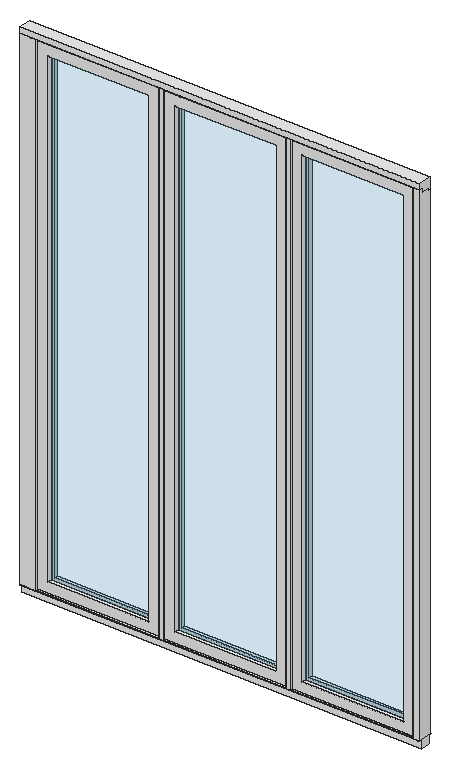
Revit family "98133", category Windows, host Wall, Revit 2018 (continued)
Definition of nested family "Header_SL-73"
  Definition of nested family "Head_SL73"
    Lines and regions (in)
      model lines, in view "Ref. Level"
        curve 403: line (0.87795, -0.65073, 0) -> (0.87795, -0.85433, 0)
        curve 404: line (0.93701, -0.91339, 0) -> (0.97638, -0.91339, 0)
        curve 405: line (1.01575, -0.87402, 0) -> (1.01575, -0.85433, 0)
        curve 406: line (1.01575, -0.85433, 0) -> (0.93701, -0.85433, 0)
        curve 407: line (0.93701, -0.85433, 0) -> (0.93701, -0.26772, 0)
        curve 408: line (0.93701, -0.26772, 0) -> (1.49606, -0.26772, 0)
        curve 409: line (1.49606, -0.26772, 0) -> (1.49606, -0.85433, 0)
        curve 410: line (1.49606, -0.85433, 0) -> (1.41732, -0.85433, 0)
        curve 411: line (1.41732, -0.85433, 0) -> (1.41732, -0.87402, 0)
        curve 412: line (1.45669, -0.91339, 0) -> (1.49606, -0.91339, 0)
        curve 413: line (1.49606, -0.91339, 0) -> (1.49606, -1.11024, 0)
        curve 414: line (1.49606, -1.11024, 0) -> (1.00394, -1.11024, 0)
        curve 415: line (0.93307, -1.1811, 0) -> (0.93307, -1.30709, 0)
        curve 416: line (0.93307, -1.30709, 0) -> (0.61024, -1.30709, 0)
        curve 417: line (0.53937, -1.37795, 0) -> (0.53937, -1.4252, 0)
        curve 418: line (0.53937, -1.4252, 0) -> (0.32677, -1.4252, 0)
        curve 419: line (0.32677, -1.4252, 0) -> (0.32677, -0.07087, 0)
        curve 420: line (0.32677, -0.07087, 0) -> (0.63386, -0.07087, 0)
        curve 421: line (0.63386, -0.07087, 0) -> (0.63386, -0.38843, 0)
        curve 422: line (0.63386, -0.38843, 0) -> (0.65748, -0.40206, 0)
        curve 423: line (0.65748, -0.40206, 0) -> (0.65748, -0.56383, 0)
        curve 424: line (0.65748, -0.56383, 0) -> (0.74564, -0.65199, 0)
        curve 425: line (-0.32328, -0.02854, 0) -> (0.04769, -0.02854, 0)
        curve 426: line (-0.00914, -0.09941, 0) -> (-0.26645, -0.09941, 0)
        curve 427: line (-0.52362, -0.10531, 0) -> (-0.50236, -0.10531, 0)
        curve 428: line (-0.50236, -0.10531, 0) -> (-0.42565, -0.14961, 0)
        curve 429: line (0.15006, -0.14961, 0) -> (0.22677, -0.10531, 0)
        curve 430: line (0.22677, -0.10531, 0) -> (0.24803, -0.10531, 0)
        curve 431: line (-0.51969, -0.09161, 0) -> (-0.42565, -0.14961, 0)
        curve 432: line (-0.42565, -0.14961, 0) -> (-0.41591, -0.14961, 0)
        curve 433: line (0.24803, -0.27264, 0) -> (0.22677, -0.27264, 0)
        curve 434: line (0.22677, -0.27264, 0) -> (0.15006, -0.22835, 0)
        curve 435: line (-0.38636, -0.22835, 0) -> (-0.42565, -0.22835, 0)
        curve 436: line (-0.42565, -0.22835, 0) -> (-0.50236, -0.27264, 0)
        curve 437: line (-0.50236, -0.27264, 0) -> (-0.52362, -0.27264, 0)
        curve 438: line (-0.39886, -0.13976, 0) -> (-0.34033, -0.03839, 0)
        curve 439: line (-0.30055, -0.11909, 0) -> (-0.35226, -0.20866, 0)
        curve 440: line (-0.5315, -0.26476, 0) -> (-0.5315, -0.11319, 0)
        curve 441: line (0.25591, -0.11319, 0) -> (0.25591, -0.26476, 0)
        curve 442: line (0.07667, -0.20866, 0) -> (0.02496, -0.11909, 0)
        curve 443: line (0.06474, -0.03839, 0) -> (0.12327, -0.13976, 0)
        curve 444: line (-0.52362, -0.74311, 0) -> (-0.50236, -0.74311, 0)
        curve 445: line (-0.50236, -0.74311, 0) -> (-0.42565, -0.7874, 0)
        curve 446: line (-0.42565, -0.7874, 0) -> (-0.51969, -0.7294, 0)
        curve 447: line (0.15006, -0.7874, 0) -> (0.22677, -0.74311, 0)
        curve 448: line (0.22677, -0.74311, 0) -> (0.24803, -0.74311, 0)
        curve 449: line (-0.42565, -0.7874, 0) -> (-0.38636, -0.7874, 0)
        curve 450: line (0.24803, -0.91043, 0) -> (0.22677, -0.91043, 0)
        curve 451: line (0.22677, -0.91043, 0) -> (0.15006, -0.86614, 0)
        curve 452: line (-0.41591, -0.86614, 0) -> (-0.42565, -0.86614, 0)
        curve 453: line (-0.42565, -0.86614, 0) -> (-0.50236, -0.91043, 0)
        curve 454: line (-0.50236, -0.91043, 0) -> (-0.52362, -0.91043, 0)
        curve 455: line (-0.26645, -0.91634, 0) -> (-0.00914, -0.91634, 0)
        curve 456: line (0.04769, -0.9872, 0) -> (-0.32328, -0.9872, 0)
        curve 457: line (-0.5315, -0.90256, 0) -> (-0.5315, -0.75098, 0)
        curve 458: line (0.02496, -0.89665, 0) -> (0.07667, -0.80709, 0)
        curve 459: line (0.12327, -0.87598, 0) -> (0.06474, -0.97736, 0)
        curve 460: line (0.25591, -0.75098, 0) -> (0.25591, -0.90256, 0)
        curve 461: line (-0.34033, -0.97736, 0) -> (-0.39886, -0.87598, 0)
        curve 462: line (-0.35226, -0.80709, 0) -> (-0.30055, -0.89665, 0)
        curve 463: line (-0.82908, -0.46159, 0) -> (-0.85827, -0.49078, 0)
        curve 464: line (-0.85827, -0.49078, 0) -> (-0.85827, -0.53937, 0)
        curve 465: line (-0.85827, -0.53937, 0) -> (-0.7874, -0.61024, 0)
        curve 466: line (-0.7874, -0.61024, 0) -> (-0.71654, -0.53937, 0)
        curve 467: line (-0.71654, -0.53937, 0) -> (-0.71654, -0.49078, 0)
        curve 468: line (-0.71654, -0.49078, 0) -> (-0.74573, -0.46159, 0)
        curve 469: line (-0.74573, -0.45045, 0) -> (-0.71654, -0.42126, 0)
        curve 470: line (-0.71654, -0.42126, 0) -> (-0.71654, -0.36797, 0)
        curve 471: line (-0.71654, -0.36797, 0) -> (-0.69291, -0.35433, 0)
        curve 472: line (-0.69291, -0.35433, 0) -> (-0.71654, -0.34069, 0)
        curve 473: line (-0.71654, -0.34069, 0) -> (-0.71654, -0.30498, 0)
        curve 474: line (-0.71654, -0.30498, 0) -> (-0.69291, -0.29134, 0)
        curve 475: line (-0.69291, -0.29134, 0) -> (-0.71654, -0.2777, 0)
        curve 476: line (-0.71654, -0.2777, 0) -> (-0.71654, -0.24198, 0)
        curve 477: line (-0.71654, -0.24198, 0) -> (-0.69291, -0.22835, 0)
        curve 478: line (-0.69291, -0.22835, 0) -> (-0.71654, -0.21471, 0)
        curve 479: line (-0.71654, -0.21471, 0) -> (-0.71654, -0.17899, 0)
        curve 480: line (-0.71654, -0.17899, 0) -> (-0.69291, -0.16535, 0)
        curve 481: line (-0.69291, -0.16535, 0) -> (-0.71654, -0.15172, 0)
        curve 482: line (-0.71654, -0.15172, 0) -> (-0.71654, -0.116, 0)
        curve 483: line (-0.71654, -0.116, 0) -> (-0.69291, -0.10236, 0)
        curve 484: line (-0.69291, -0.10236, 0) -> (-0.71654, -0.08872, 0)
        curve 485: line (-0.71654, -0.08872, 0) -> (-0.71654, -0.05118, 0)
        curve 486: line (-0.71654, -0.05118, 0) -> (-0.66535, 0, 0)
        curve 487: line (-0.66535, 0, 0) -> (-0.56299, 0, 0)
        curve 488: line (-0.5315, -0.0315, 0) -> (-0.40987, -0.0315, 0)
        curve 489: line (-0.39085, -0.05628, 0) -> (-0.41365, -0.14138, 0)
        curve 490: line (-0.5315, -0.09843, 0) -> (-0.5315, -0.27953, 0)
        curve 491: line (-0.51969, -0.28635, 0) -> (-0.4252, -0.23179, 0)
        curve 492: line (-0.41339, -0.23861, 0) -> (-0.41339, -0.29317, 0)
        curve 493: line (-0.43307, -0.32726, 0) -> (-0.5315, -0.38409, 0)
        curve 494: line (-0.5315, -0.38409, 0) -> (-0.5315, -0.63166, 0)
        curve 495: line (-0.5315, -0.63166, 0) -> (-0.43307, -0.68849, 0)
        curve 496: line (-0.41339, -0.72258, 0) -> (-0.41339, -0.77714, 0)
        curve 497: line (-0.5315, -0.73622, 0) -> (-0.5315, -0.91732, 0)
        curve 498: line (-0.51969, -0.92414, 0) -> (-0.4252, -0.86959, 0)
        curve 499: line (-0.41365, -0.87437, 0) -> (-0.39085, -0.95947, 0)
        curve 500: line (-0.40987, -0.98425, 0) -> (-0.5315, -0.98425, 0)
        curve 501: line (-0.5315, -0.98425, 0) -> (-0.5315, -1.77559, 0)
        curve 502: line (-0.60236, -1.77559, 0) -> (-0.60236, -1.49606, 0)
        curve 503: line (-0.60236, -1.49606, 0) -> (-0.66142, -1.49606, 0)
        curve 504: line (-0.66142, -1.49606, 0) -> (-0.66997, -1.56446, 0)
        curve 505: line (-0.68169, -1.5748, 0) -> (-0.73564, -1.5748, 0)
        curve 506: line (-0.74736, -1.56446, 0) -> (-0.75591, -1.49606, 0)
        curve 507: line (-0.75591, -1.49606, 0) -> (-0.81496, -1.49606, 0)
        curve 508: line (-0.81496, -1.49606, 0) -> (-0.81496, -1.88189, 0)
        curve 509: line (-0.80709, -1.89303, 0) -> (-0.80709, -1.91732, 0)
        curve 510: line (-0.8189, -1.92913, 0) -> (-0.84646, -1.92913, 0)
        curve 511: line (-0.88583, -1.88976, 0) -> (-0.88583, -0.91339, 0)
        curve 512: line (-0.88583, -0.91339, 0) -> (-1.04253, -0.91339, 0)
        curve 513: line (-1.04253, -0.91339, 0) -> (-1.06299, -0.90157, 0)
        curve 514: line (-1.06299, -0.90157, 0) -> (-1.08345, -0.91339, 0)
        curve 515: line (-1.08345, -0.91339, 0) -> (-1.49606, -0.91339, 0)
        curve 516: line (-1.49606, -0.91339, 0) -> (-1.49606, -1.91732, 0)
        curve 517: line (-1.49606, -1.91732, 0) -> (-1.42913, -1.91732, 0)
        curve 518: line (-1.37008, -1.97638, 0) -> (-1.37008, -2.05512, 0)
        curve 519: line (-1.37008, -2.05512, 0) -> (-1.40945, -2.05512, 0)
        curve 520: line (-1.40945, -2.05512, 0) -> (-1.40945, -1.97638, 0)
        curve 521: line (-1.40945, -1.97638, 0) -> (-1.49606, -1.97638, 0)
        curve 522: line (-1.49606, -1.97638, 0) -> (-1.49606, -2.3622, 0)
        curve 523: line (-1.38976, -2.32283, 0) -> (-1.40945, -2.32283, 0)
        curve 524: line (-1.40945, -2.32283, 0) -> (-1.40945, -2.38189, 0)
        curve 525: line (-1.40945, -2.38189, 0) -> (-1.38976, -2.38189, 0)
        curve 526: line (-1.38976, -2.38189, 0) -> (-1.38976, -2.47972, 0)
        curve 527: line (-1.38976, -2.47972, 0) -> (-1.38976, -2.38189, 0)
        curve 528: line (-1.38976, -2.38189, 0) -> (-1.40945, -2.38189, 0)
        curve 529: line (-1.40945, -2.38189, 0) -> (-1.40945, -2.32283, 0)
        curve 530: line (-1.40945, -2.32283, 0) -> (-1.38976, -2.32283, 0)
        curve 531: line (-1.27953, -2.26378, 0) -> (-1.33071, -2.26378, 0)
        curve 532: line (-1.33071, -2.26378, 0) -> (-1.27953, -2.26378, 0)
        curve 533: line (-1.24016, -2.33071, 0) -> (-1.24016, -2.30315, 0)
        curve 534: line (-1.24016, -2.30315, 0) -> (-1.24016, -2.33071, 0)
        curve 535: line (-1.25984, -2.47244, 0) -> (-1.27953, -2.47244, 0)
        curve 536: line (-1.27953, -2.47244, 0) -> (-1.27953, -2.51969, 0)
        curve 537: line (-1.27953, -2.51969, 0) -> (-1.33071, -2.51969, 0)
        curve 538: line (-1.33071, -2.51969, 0) -> (-1.33071, -2.30315, 0)
        curve 539: line (-1.33071, -2.30315, 0) -> (-1.27953, -2.30315, 0)
        curve 540: line (-1.27953, -2.30315, 0) -> (-1.27953, -2.35039, 0)
        curve 541: line (-1.27953, -2.35039, 0) -> (-1.25984, -2.35039, 0)
        curve 542: line (-1.25984, -2.35039, 0) -> (-1.27953, -2.35039, 0)
        curve 543: line (-1.27953, -2.35039, 0) -> (-1.27953, -2.30315, 0)
        curve 544: line (-1.27953, -2.30315, 0) -> (-1.33071, -2.30315, 0)
        curve 545: line (-1.33071, -2.30315, 0) -> (-1.33071, -2.51969, 0)
        curve 546: line (-1.33071, -2.51969, 0) -> (-1.27953, -2.51969, 0)
        curve 547: line (-1.27953, -2.51969, 0) -> (-1.27953, -2.47244, 0)
        curve 548: line (-1.27953, -2.47244, 0) -> (-1.25984, -2.47244, 0)
        curve 549: line (-1.24016, -2.49213, 0) -> (-1.24016, -2.55906, 0)
        curve 550: line (-1.24016, -2.55906, 0) -> (-1.37795, -2.55906, 0)
        curve 551: line (-1.5748, -2.3622, 0) -> (-1.5748, 0, 0)
        curve 552: line (-1.5748, 0, 0) -> (-1.45675, 0, 0)
        curve 553: line (-1.45675, 0, 0) -> (-1.44093, -0.05906, 0)
        curve 554: line (-1.44093, -0.05906, 0) -> (-1.51967, -0.05906, 0)
        curve 555: line (-1.51967, -0.05906, 0) -> (-1.51967, -0.19685, 0)
        curve 556: line (-1.51967, -0.19685, 0) -> (-1.24093, -0.19685, 0)
        curve 557: line (-1.24093, -0.19685, 0) -> (-1.22047, -0.20866, 0)
        curve 558: line (-1.22047, -0.20866, 0) -> (-1.20002, -0.19685, 0)
        curve 559: line (-1.20002, -0.19685, 0) -> (-0.94488, -0.19685, 0)
        curve 560: line (-0.94488, -0.19685, 0) -> (-0.94488, -0.05906, 0)
        curve 561: line (-0.94488, -0.05906, 0) -> (-1.02362, -0.05906, 0)
        curve 562: line (-1.02362, -0.05906, 0) -> (-1.0078, 0, 0)
        curve 563: line (-1.0078, 0, 0) -> (-0.90945, 0, 0)
        curve 564: line (-0.90945, 0, 0) -> (-0.85827, -0.05118, 0)
        curve 565: line (-0.85827, -0.05723, 0) -> (-0.88189, -0.07087, 0)
        curve 566: line (-0.88189, -0.07087, 0) -> (-0.85827, -0.0845, 0)
        curve 567: line (-0.85827, -0.0845, 0) -> (-0.85827, -0.12022, 0)
        curve 568: line (-0.85827, -0.12022, 0) -> (-0.88189, -0.13386, 0)
        curve 569: line (-0.88189, -0.13386, 0) -> (-0.85827, -0.1475, 0)
        curve 570: line (-0.85827, -0.1475, 0) -> (-0.85827, -0.18321, 0)
        curve 571: line (-0.85827, -0.18321, 0) -> (-0.88189, -0.19685, 0)
        curve 572: line (-0.88189, -0.19685, 0) -> (-0.85827, -0.21049, 0)
        curve 573: line (-0.85827, -0.21049, 0) -> (-0.85827, -0.2462, 0)
        curve 574: line (-0.85827, -0.2462, 0) -> (-0.88189, -0.25984, 0)
        curve 575: line (-0.88189, -0.25984, 0) -> (-0.85827, -0.27348, 0)
        curve 576: line (-0.85827, -0.27348, 0) -> (-0.85827, -0.3092, 0)
        curve 577: line (-0.85827, -0.3092, 0) -> (-0.88189, -0.32283, 0)
        curve 578: line (-0.88189, -0.32283, 0) -> (-0.85827, -0.33647, 0)
        curve 579: line (-0.85827, -0.33647, 0) -> (-0.85827, -0.37219, 0)
        curve 580: line (-0.85827, -0.37219, 0) -> (-0.88189, -0.38583, 0)
        curve 581: line (-0.88189, -0.38583, 0) -> (-0.85827, -0.39946, 0)
        curve 582: line (-0.85827, -0.39946, 0) -> (-0.85827, -0.42126, 0)
        curve 583: line (-0.85827, -0.42126, 0) -> (-0.82908, -0.45045, 0)
        curve 584: line (0.41339, -3.0717, 0) -> (0.41339, -2.93784, 0)
        curve 585: line (0.41339, -2.93784, 0) -> (0.41339, -3.0717, 0)
        curve 586: line (0.41339, -3.0717, 0) -> (0.41339, -3.1063, 0)
        curve 587: line (-0.5315, -3.0717, 0) -> (-0.5315, -2.93784, 0)
        curve 588: line (0.39764, -3.08745, 0) -> (0.38346, -3.08745, 0)
        curve 589: line (0.38346, -3.08745, 0) -> (0.35864, -3.07312, 0)
        curve 590: line (0.35864, -3.07312, 0) -> (0.33676, -3.06049, 0)
        curve 591: line (0.33379, -3.05877, 0) -> (0.3261, -3.05433, 0)
        curve 592: line (0.3261, -3.05433, 0) -> (0.31942, -3.05047, 0)
        curve 593: line (0.2958, -3.04414, 0) -> (-0.41391, -3.04414, 0)
        curve 594: line (-0.43753, -3.05047, 0) -> (-0.44421, -3.05433, 0)
        curve 595: line (-0.44421, -3.05433, 0) -> (-0.4519, -3.05877, 0)
        curve 596: line (-0.45487, -3.06049, 0) -> (-0.47675, -3.07312, 0)
        curve 597: line (-0.47675, -3.07312, 0) -> (-0.50157, -3.08745, 0)
        curve 598: line (-0.50157, -3.08745, 0) -> (-0.51575, -3.08745, 0)
        curve 599: line (-0.5315, -3.1063, 0) -> (-0.5315, -3.0717, 0)
        curve 600: line (-0.5315, -3.0717, 0) -> (-0.5315, -2.93784, 0)
        curve 601: line (-0.5315, -2.93784, 0) -> (-0.5315, -2.91732, 0)
        curve 602: line (-0.5315, -2.91732, 0) -> (-0.50197, -2.91732, 0)
        curve 603: line (-0.50157, -2.9221, 0) -> (-0.51575, -2.9221, 0)
        curve 604: line (-0.43753, -2.95907, 0) -> (-0.45079, -2.95142, 0)
        curve 605: line (-0.45079, -2.95142, 0) -> (-0.50157, -2.9221, 0)
        curve 606: line (-0.50157, -2.9221, 0) -> (-0.44882, -2.94801, 0)
        curve 607: line (0.2958, -2.9654, 0) -> (-0.41391, -2.9654, 0)
        curve 608: line (0.39764, -2.9221, 0) -> (0.38346, -2.9221, 0)
        curve 609: line (0.38346, -2.9221, 0) -> (0.33268, -2.95142, 0)
        curve 610: line (0.33268, -2.95142, 0) -> (0.31942, -2.95907, 0)
        curve 611: line (0.41339, -2.34168, 0) -> (0.41339, -2.47554, 0)
        curve 612: line (-0.5315, -2.34168, 0) -> (-0.5315, -2.47554, 0)
        curve 613: line (-0.5315, -2.47554, 0) -> (-0.5315, -2.34168, 0)
        curve 614: line (-0.5315, -2.34168, 0) -> (-0.5315, -2.30709, 0)
        curve 615: line (0.39764, -2.49129, 0) -> (0.38346, -2.49129, 0)
        curve 616: line (0.38346, -2.49129, 0) -> (0.33268, -2.46197, 0)
        curve 617: line (0.33268, -2.46197, 0) -> (0.32677, -2.45856, 0)
        curve 618: line (0.32677, -2.45856, 0) -> (0.31942, -2.45431, 0)
        curve 619: line (0.2958, -2.44798, 0) -> (-0.41391, -2.44798, 0)
        curve 620: line (-0.43753, -2.45431, 0) -> (-0.45079, -2.46197, 0)
        curve 621: line (-0.45079, -2.46197, 0) -> (-0.50157, -2.49129, 0)
        curve 622: line (-0.50157, -2.49129, 0) -> (-0.51575, -2.49129, 0)
        curve 623: line (-0.43753, -2.36291, 0) -> (-0.44421, -2.35906, 0)
        curve 624: line (-0.44421, -2.35906, 0) -> (-0.4519, -2.35462, 0)
        curve 625: line (-0.45487, -2.3529, 0) -> (-0.47675, -2.34027, 0)
        curve 626: line (-0.47675, -2.34027, 0) -> (-0.50157, -2.32594, 0)
        curve 627: line (-0.50157, -2.32594, 0) -> (-0.51575, -2.32594, 0)
        curve 628: line (0.2958, -2.36924, 0) -> (-0.41391, -2.36924, 0)
        curve 629: line (0.39764, -2.32594, 0) -> (0.38346, -2.32594, 0)
        curve 630: line (0.38346, -2.32594, 0) -> (0.35864, -2.34027, 0)
        curve 631: line (0.35864, -2.34027, 0) -> (0.33676, -2.3529, 0)
        curve 632: line (0.33379, -2.35462, 0) -> (0.3261, -2.35906, 0)
        curve 633: line (0.3261, -2.35906, 0) -> (0.31942, -2.36291, 0)
        curve 634: line (-0.43307, -2.90551, 0) -> (-0.43307, -2.94801, 0)
        curve 635: line (-0.4735, -3.07875, 0) -> (-0.45162, -3.06612, 0)
        curve 636: line (-0.43719, -3.06014, 0) -> (-0.42243, -3.11524, 0)
        curve 637: line (-0.41102, -3.12399, 0) -> (-0.35433, -3.12399, 0)
        curve 638: line (-0.35433, -3.12399, 0) -> (-0.35433, -3.13187, 0)
        curve 639: line (-0.40008, -3.16682, 0) -> (-0.40782, -3.17456, 0)
        curve 640: line (-0.40782, -3.17456, 0) -> (-0.51191, -3.16827, 0)
        curve 641: line (-0.68871, -3.12015, 0) -> (-0.67554, -3.16929, 0)
        curve 642: line (-0.67554, -3.16929, 0) -> (-0.52849, -3.16929, 0)
        curve 643: line (-1.11024, -3.6811, 0) -> (-1.11024, -3.16929, 0)
        curve 644: line (-1.11024, -3.16929, 0) -> (-0.97244, -3.16929, 0)
        curve 645: line (-0.97244, -3.16929, 0) -> (-0.97244, -3.12992, 0)
        curve 646: line (-0.97244, -3.12992, 0) -> (-1.11024, -3.11024, 0)
        curve 647: line (-1.11024, -3.11024, 0) -> (-1.11024, -2.97638, 0)
        curve 648: line (-1.11024, -2.97638, 0) -> (-0.61024, -2.97638, 0)
        curve 649: line (-0.61024, -2.97638, 0) -> (-0.61024, -3.11024, 0)
        curve 650: line (-0.61024, -3.11024, 0) -> (-0.6811, -3.11024, 0)
        curve 651: line (-0.8937, -3.86597, 0) -> (-0.8937, -3.55118, 0)
        curve 652: line (-0.83465, -3.49213, 0) -> (-0.75591, -3.49213, 0)
        curve 653: line (-0.74803, -3.53937, 0) -> (-0.74803, -3.57874, 0)
        curve 654: line (-0.74803, -3.57874, 0) -> (-0.70866, -3.57874, 0)
        curve 655: line (-0.70866, -3.57874, 0) -> (-0.70866, -3.53937, 0)
        curve 656: line (-0.70866, -3.53937, 0) -> (-0.70866, -3.57874, 0)
        curve 657: line (-0.70866, -3.57874, 0) -> (-0.74803, -3.57874, 0)
        curve 658: line (-0.74803, -3.57874, 0) -> (-0.74803, -3.53937, 0)
        curve 659: line (-0.74803, -3.53937, 0) -> (-0.82677, -3.53937, 0)
        curve 660: line (-0.82677, -3.53937, 0) -> (-0.82677, -3.89764, 0)
        curve 661: line (-0.82677, -3.89764, 0) -> (-0.74803, -3.89764, 0)
        curve 662: line (-0.74803, -3.89764, 0) -> (-0.74803, -3.85827, 0)
        curve 663: line (-0.74803, -3.85827, 0) -> (-0.70866, -3.85827, 0)
        curve 664: line (-0.70866, -3.85827, 0) -> (-0.70866, -3.95669, 0)
        curve 665: line (-0.70866, -3.95669, 0) -> (-0.90551, -3.95669, 0)
        curve 666: line (-1.1811, -3.6811, 0) -> (-1.1811, -2.24409, 0)
        curve 667: line (-0.98452, -2.29324, 0) -> (-0.99769, -2.24409, 0)
        curve 668: line (-0.6811, -2.30315, 0) -> (-0.61024, -2.30315, 0)
        curve 669: line (-0.61024, -2.30315, 0) -> (-0.61024, -2.43701, 0)
        curve 670: line (-0.61024, -2.43701, 0) -> (-1.11024, -2.43701, 0)
        curve 671: line (-1.11024, -2.43701, 0) -> (-1.11024, -2.30315, 0)
        curve 672: line (-1.11024, -2.30315, 0) -> (-0.99213, -2.30315, 0)
        curve 673: line (-0.52849, -2.24409, 0) -> (-0.67554, -2.24409, 0)
        curve 674: line (-0.67554, -2.24409, 0) -> (-0.68871, -2.29324, 0)
        curve 675: line (-0.51191, -2.24511, 0) -> (-0.41407, -2.23655, 0)
        curve 676: line (-0.41407, -2.23655, 0) -> (-0.40008, -2.24656, 0)
        curve 677: line (-0.35433, -2.28152, 0) -> (-0.35433, -2.28939, 0)
        curve 678: line (-0.35433, -2.28939, 0) -> (-0.40986, -2.28939, 0)
        curve 679: line (-0.42243, -2.29815, 0) -> (-0.43719, -2.35324, 0)
        curve 680: line (-0.45162, -2.34727, 0) -> (-0.4735, -2.33464, 0)
        curve 681: line (-0.5315, -2.47554, 0) -> (-0.5315, -2.49606, 0)
        curve 682: line (-0.5315, -2.49606, 0) -> (-0.50197, -2.49606, 0)
        curve 683: line (-0.49961, -2.4947, 0) -> (-0.44882, -2.46538, 0)
        curve 684: line (-0.43307, -2.46538, 0) -> (-0.43307, -2.50787, 0)
        curve 685: line (-0.5, -2.5748, 0) -> (-0.5315, -2.5748, 0)
        curve 686: line (-0.5315, -2.5748, 0) -> (-0.5315, -2.83858, 0)
        curve 687: line (-0.5315, -2.83858, 0) -> (-0.5, -2.83858, 0)
        curve 688: line (-0.61024, -2.50394, 0) -> (-0.61024, -2.90945, 0)
        curve 689: line (-0.61024, -2.90945, 0) -> (-1.11024, -2.90945, 0)
        curve 690: line (-1.11024, -2.90945, 0) -> (-1.11024, -2.50394, 0)
        curve 691: line (-1.11024, -2.50394, 0) -> (-0.61024, -2.50394, 0)
        curve 692: line (0.5706, -3.12015, 0) -> (0.55743, -3.16929, 0)
        curve 693: line (0.55743, -3.16929, 0) -> (0.41038, -3.16929, 0)
        curve 694: line (0.41038, -2.24409, 0) -> (0.45276, -2.24409, 0)
        curve 695: line (0.33351, -2.34727, 0) -> (0.35538, -2.33464, 0)
        curve 696: line (0.30432, -2.29815, 0) -> (0.31908, -2.35324, 0)
        curve 697: line (0.23622, -2.28152, 0) -> (0.23622, -2.28939, 0)
        curve 698: line (0.23622, -2.28939, 0) -> (0.29291, -2.28939, 0)
        curve 699: line (0.3938, -2.24511, 0) -> (0.28971, -2.23883, 0)
        curve 700: line (0.28971, -2.23883, 0) -> (0.28197, -2.24656, 0)
        curve 701: line (0.49213, -2.28346, 0) -> (0.49213, -2.43701, 0)
        curve 702: line (0.49213, -2.43701, 0) -> (0.74803, -2.43701, 0)
        curve 703: line (0.74803, -2.43701, 0) -> (0.74803, -2.16929, 0)
        curve 704: line (0.76772, -1.95276, 0) -> (0.7874, -1.95276, 0)
        curve 705: line (0.7874, -1.95276, 0) -> (0.7874, -1.91339, 0)
        curve 706: line (0.7874, -1.91339, 0) -> (0.94488, -1.91339, 0)
        curve 707: line (0.94488, -1.91339, 0) -> (0.94488, -2.18898, 0)
        curve 708: line (0.94488, -2.18898, 0) -> (0.7874, -2.18898, 0)
        curve 709: line (0.7874, -2.18898, 0) -> (0.7874, -2.14961, 0)
        curve 710: line (0.7874, -2.14961, 0) -> (0.76772, -2.14961, 0)
        curve 711: line (0.74803, -1.93307, 0) -> (0.74803, -1.88583, 0)
        curve 712: line (0.7874, -1.84646, 0) -> (0.94488, -1.84646, 0)
        curve 713: line (0.94488, -1.84646, 0) -> (0.94488, -1.7005, 0)
        curve 714: line (1.08241, -1.70269, 0) -> (1.06924, -1.65354, 0)
        curve 715: line (1.06924, -1.65354, 0) -> (0.98082, -1.66128, 0)
        curve 716: line (1.38583, -1.7126, 0) -> (1.50394, -1.7126, 0)
        curve 717: line (1.50394, -1.7126, 0) -> (1.50394, -1.84646, 0)
        curve 718: line (1.50394, -1.84646, 0) -> (1.00394, -1.84646, 0)
        curve 719: line (1.00394, -1.84646, 0) -> (1.00394, -1.7126, 0)
        curve 720: line (1.00394, -1.7126, 0) -> (1.0748, -1.7126, 0)
        curve 721: line (1.39139, -1.65354, 0) -> (1.37822, -1.70269, 0)
        curve 722: line (1.5748, -1.65354, 0) -> (1.5748, -3.16929, 0)
        curve 723: line (1.5748, -3.16929, 0) -> (1.43315, -3.16929, 0)
        curve 724: line (1.43315, -3.16929, 0) -> (1.41732, -3.11024, 0)
        curve 725: line (1.41732, -3.11024, 0) -> (1.49606, -3.11024, 0)
        curve 726: line (1.49606, -3.11024, 0) -> (1.49606, -2.97244, 0)
        curve 727: line (1.49606, -2.97244, 0) -> (0.94488, -2.97244, 0)
        curve 728: line (0.94488, -2.97244, 0) -> (0.94488, -3.11024, 0)
        curve 729: line (0.94488, -3.11024, 0) -> (1.02362, -3.11024, 0)
        curve 730: line (1.02362, -3.11024, 0) -> (1.0078, -3.16929, 0)
        curve 731: line (1.0078, -3.16929, 0) -> (0.82052, -3.16929, 0)
        curve 732: line (0.82052, -3.16929, 0) -> (0.80735, -3.12015, 0)
        curve 733: line (0.56299, -3.11024, 0) -> (0.49213, -3.11024, 0)
        curve 734: line (0.49213, -3.11024, 0) -> (0.49213, -2.97638, 0)
        curve 735: line (0.49213, -2.97638, 0) -> (0.88583, -2.97638, 0)
        curve 736: line (0.88583, -2.97638, 0) -> (0.88583, -3.11024, 0)
        curve 737: line (0.88583, -3.11024, 0) -> (0.81496, -3.11024, 0)
        curve 738: line (0.3938, -3.16827, 0) -> (0.29596, -3.17683, 0)
        curve 739: line (0.29596, -3.17683, 0) -> (0.28197, -3.16682, 0)
        curve 740: line (0.23622, -3.13187, 0) -> (0.23622, -3.12399, 0)
        curve 741: line (0.23622, -3.12399, 0) -> (0.29291, -3.12399, 0)
        curve 742: line (0.30432, -3.11524, 0) -> (0.31908, -3.06014, 0)
        curve 743: line (0.33351, -3.06612, 0) -> (0.35538, -3.07875, 0)
        curve 744: line (0.41339, -2.93784, 0) -> (0.41339, -2.91732, 0)
        curve 745: line (0.41339, -2.91732, 0) -> (0.38386, -2.91732, 0)
        curve 746: line (0.3815, -2.91869, 0) -> (0.33071, -2.94801, 0)
        curve 747: line (0.31496, -2.94801, 0) -> (0.31496, -2.90551, 0)
        curve 748: line (0.38189, -2.83858, 0) -> (0.41339, -2.83858, 0)
        curve 749: line (0.41339, -2.83858, 0) -> (0.41339, -2.5748, 0)
        curve 750: line (0.41339, -2.5748, 0) -> (0.38189, -2.5748, 0)
        curve 751: line (0.31496, -2.46538, 0) -> (0.31496, -2.50787, 0)
        curve 752: line (0.41339, -2.30709, 0) -> (0.41339, -2.34168, 0)
        curve 753: line (0.41339, -2.34168, 0) -> (0.41339, -2.47554, 0)
        curve 754: line (0.41339, -2.47554, 0) -> (0.41339, -2.49606, 0)
        curve 755: line (0.41339, -2.49606, 0) -> (0.38386, -2.49606, 0)
        curve 756: line (0.3815, -2.4947, 0) -> (0.33071, -2.46538, 0)
        curve 757: line (1.01181, -2.18898, 0) -> (1.01181, -1.91339, 0)
        curve 758: line (1.01181, -1.91339, 0) -> (1.50394, -1.91339, 0)
        curve 759: line (1.50394, -1.91339, 0) -> (1.50394, -2.43701, 0)
        curve 760: line (1.50394, -2.43701, 0) -> (1.46457, -2.43701, 0)
        curve 761: line (0.81496, -2.43701, 0) -> (0.81496, -2.25591, 0)
        curve 762: line (0.81496, -2.25591, 0) -> (0.94488, -2.25591, 0)
        curve 763: line (1.4252, -2.47638, 0) -> (1.4252, -2.50394, 0)
        curve 764: line (1.4252, -2.50394, 0) -> (1.50394, -2.50394, 0)
        curve 765: line (1.50394, -2.50394, 0) -> (1.50394, -2.90945, 0)
        curve 766: line (1.50394, -2.90945, 0) -> (0.49213, -2.90945, 0)
        curve 767: line (0.49213, -2.90945, 0) -> (0.49213, -2.50394, 0)
        curve 768: line (0.49213, -2.50394, 0) -> (0.74803, -2.50394, 0)
        curve 769: line (-1.33071, -2.50591, 0) -> (-1.29134, -2.50591, 0)
        curve 770: line (-1.29134, -2.50591, 0) -> (-1.29134, -2.31693, 0)
        curve 771: line (-1.29134, -2.31693, 0) -> (-1.33071, -2.31693, 0)
        curve 772: line (-1.17323, -2.41142, 0) -> (-1.29134, -2.41142, 0)
        curve 773: line (-1.29134, -2.41142, 0) -> (-1.17323, -2.39059, 0)
        curve 774: line (-1.29134, -2.37144, 0) -> (-1.17323, -2.35061, 0)
        curve 775: line (-1.29134, -2.39143, 0) -> (-1.17323, -2.3706, 0)
        curve 776: line (-1.29134, -2.41142, 0) -> (-1.17323, -2.43224, 0)
        curve 777: line (-1.29134, -2.43141, 0) -> (-1.17323, -2.45223, 0)
        curve 778: line (-1.29134, -2.45139, 0) -> (-1.17323, -2.47222, 0)
        curve 779: line (-0.70866, -3.95669, 0) -> (-0.70866, -3.85827, 0)
        curve 780: line (-0.70866, -3.85827, 0) -> (-0.74803, -3.85827, 0)
        curve 781: line (-0.74803, -3.85827, 0) -> (-0.74803, -3.89764, 0)
        curve 782: line (-0.51192, -3.26772, 0) -> (0.1495, -3.26772, 0)
        curve 783: line (-0.60443, -3.26772, 0) -> (-0.60443, -3.16929, 0)
        curve 784: line (-0.60443, -3.16929, 0) -> (0.7378, -3.26772, 0)
        curve 785: line (0.7378, -3.26772, 0) -> (0.20236, -3.26772, 0)
        curve 786: line (0.20236, -3.26772, 0) -> (-0.60443, -3.26772, 0)
        curve 787: line (-0.60443, -3.26772, 0) -> (0.7378, -3.16929, 0)
        curve 788: line (0.7378, -3.16929, 0) -> (-0.60443, -3.16929, 0)
        curve 789: line (0.7378, -3.16929, 0) -> (0.7378, -3.26772, 0)
        curve 790: line (-0.47631, -3.37145, 0) -> (-0.53003, -3.42516, 0)
        curve 791: line (-0.53003, -3.44637, 0) -> (-0.47631, -3.50008, 0)
        curve 792: line (-0.47631, -3.5213, 0) -> (-0.53003, -3.57501, 0)
        curve 793: line (-0.53003, -3.59622, 0) -> (-0.47631, -3.64994, 0)
        curve 794: line (-0.47631, -3.67115, 0) -> (-0.53003, -3.72486, 0)
        curve 795: line (-0.53003, -3.74608, 0) -> (-0.47631, -3.79979, 0)
        curve 796: line (-0.47631, -3.821, 0) -> (-0.53003, -3.87472, 0)
        curve 797: line (-0.53003, -3.89593, 0) -> (-0.47631, -3.94964, 0)
        curve 798: line (-0.47631, -3.97086, 0) -> (-0.53003, -4.02457, 0)
        curve 799: line (-0.53003, -4.04578, 0) -> (-0.46131, -4.1145, 0)
        curve 800: line (-0.47613, -4.1395, 0) -> (-0.78693, -4.05038, 0)
        curve 801: line (-0.80866, -4.02154, 0) -> (-0.80866, -3.96169, 0)
        curve 802: line (-0.80866, -3.96169, 0) -> (-0.70866, -3.96169, 0)
        curve 803: line (-0.70866, -3.96169, 0) -> (-0.70866, -3.84827, 0)
        curve 804: line (-0.70866, -3.84827, 0) -> (-0.75803, -3.84827, 0)
        curve 805: line (-0.75803, -3.84827, 0) -> (-0.75803, -3.87327, 0)
        curve 806: line (-0.77376, -3.88146, 0) -> (-0.82177, -3.84784, 0)
        curve 807: line (-0.82177, -3.84784, 0) -> (-0.82177, -3.80323, 0)
        curve 808: line (-0.82177, -3.80323, 0) -> (-0.71589, -3.77486, 0)
        curve 809: line (-0.69366, -3.74588, 0) -> (-0.69366, -3.69112, 0)
        curve 810: line (-0.71589, -3.66215, 0) -> (-0.82177, -3.63378, 0)
        curve 811: line (-0.82177, -3.63378, 0) -> (-0.82177, -3.58916, 0)
        curve 812: line (-0.82177, -3.58916, 0) -> (-0.77376, -3.55555, 0)
        curve 813: line (-0.75803, -3.56374, 0) -> (-0.75803, -3.58874, 0)
        curve 814: line (-0.75803, -3.58874, 0) -> (-0.70866, -3.58874, 0)
        curve 815: line (-0.70866, -3.58874, 0) -> (-0.70866, -3.47213, 0)
        curve 816: line (-0.70866, -3.47213, 0) -> (-0.79866, -3.47213, 0)
        curve 817: line (-0.79866, -3.47213, 0) -> (-0.79866, -3.29213, 0)
        curve 818: line (-0.79866, -3.29213, 0) -> (-0.53442, -3.29213, 0)
        curve 819: line (-0.53442, -3.29213, 0) -> (-0.47631, -3.35023, 0)
        curve 820: line (0.79603, -3.79135, 0) -> (0.6763, -3.81246, 0)
        curve 821: line (0.68587, -3.86674, 0) -> (0.8056, -3.84563, 0)
        curve 822: line (0.69511, -4.06054, 0) -> (0.97636, -4.01094, 0)
        curve 823: line (0.97636, -4.01094, 0) -> (1.00786, -3.95639, 0)
        curve 824: line (1.00786, -3.95639, 0) -> (0.92912, -3.95639, 0)
        curve 825: line (0.92912, -3.95639, 0) -> (0.92912, -3.85797, 0)
        curve 826: line (0.92912, -3.85797, 0) -> (0.96061, -3.85797, 0)
        curve 827: line (0.96061, -3.85797, 0) -> (0.71287, -3.38888, 0)
        curve 828: line (0.65717, -3.4183, 0) -> (0.824, -3.73419, 0)
        curve 829: line (0.93159, -3.87765, 0) -> (0.93159, -3.91702, 0)
        curve 830: line (0.93159, -3.91702, 0) -> (0.93159, -3.87765, 0)
        curve 831: line (0.93159, -3.65324, 0) -> (0.93159, -3.6808, 0)
        curve 832: line (0.93159, -3.6808, 0) -> (0.93159, -3.65324, 0)
        curve 833: line (1.0497, -3.66112, 0) -> (1.0497, -3.89734, 0)
        curve 834: line (1.0497, -3.89734, 0) -> (0.97096, -3.89734, 0)
        curve 835: line (0.97096, -3.89734, 0) -> (0.97096, -3.85797, 0)
        curve 836: line (0.97096, -3.85797, 0) -> (0.95127, -3.85797, 0)
        curve 837: line (0.95127, -3.85797, 0) -> (0.97096, -3.85797, 0)
        curve 838: line (0.97096, -3.85797, 0) -> (0.97096, -3.89734, 0)
        curve 839: line (0.97096, -3.89734, 0) -> (1.0497, -3.89734, 0)
        curve 840: line (1.0497, -3.89734, 0) -> (1.0497, -3.66112, 0)
        curve 841: line (1.0497, -3.66112, 0) -> (0.97096, -3.66112, 0)
        curve 842: line (0.97096, -3.66112, 0) -> (0.97096, -3.70049, 0)
        curve 843: line (0.97096, -3.70049, 0) -> (0.95128, -3.70049, 0)
        curve 844: line (0.95128, -3.70049, 0) -> (0.97096, -3.70049, 0)
        curve 845: line (0.97096, -3.70049, 0) -> (0.97096, -3.66112, 0)
        curve 846: line (0.97096, -3.66112, 0) -> (1.0497, -3.66112, 0)
        curve 847: line (1.26799, -3.13794, 0) -> (1.26799, -3.16929, 0)
        curve 848: line (1.26799, -3.16929, 0) -> (1.26799, -3.13794, 0)
        curve 849: line (1.33885, -3.16929, 0) -> (1.33885, -3.15748, 0)
        curve 850: line (1.33885, -3.15748, 0) -> (1.33885, -3.16929, 0)
        curve 851: line (1.37822, -3.11811, 0) -> (1.37822, -3.10203, 0)
        curve 852: line (1.37822, -3.10203, 0) -> (1.37822, -3.11811, 0)
        curve 853: line (1.49606, -3.88946, 0) -> (1.49606, -3.27953, 0)
        curve 854: line (1.49606, -3.27953, 0) -> (1.49606, -3.88946, 0)
        curve 855: line (1.49606, -3.88946, 0) -> (1.08907, -3.88946, 0)
        curve 856: line (1.08907, -3.88946, 0) -> (1.08907, -3.65324, 0)
        curve 857: line (1.08907, -3.65324, 0) -> (1.08907, -3.88946, 0)
        curve 858: line (1.08907, -3.88946, 0) -> (1.49606, -3.88946, 0)
        curve 859: line (0.9513, -3.02229, 0) -> (0.94422, -3.06104, 0)
        curve 860: line (0.94422, -3.06104, 0) -> (0.9513, -3.02229, 0)
        curve 861: line (0.9907, -3.06952, 0) -> (0.99494, -3.04626, 0)
        curve 862: line (0.99494, -3.04626, 0) -> (1.25184, -3.11858, 0)
        curve 863: line (1.25184, -3.11858, 0) -> (0.99494, -3.04626, 0)
        curve 864: line (0.99494, -3.04626, 0) -> (0.9907, -3.06952, 0)
        curve 865: line (0.97096, -3.95639, 0) -> (1.5748, -3.95639, 0)
        curve 866: line (1.5748, -3.95639, 0) -> (1.5748, -3.16929, 0)
        curve 867: line (1.5748, -3.16929, 0) -> (1.53937, -3.16929, 0)
        curve 868: line (1.53937, -3.16929, 0) -> (1.5748, -3.16929, 0)
        curve 869: line (1.5748, -3.16929, 0) -> (1.5748, -3.95639, 0)
        curve 870: line (1.5748, -3.95639, 0) -> (0.97096, -3.95639, 0)
        curve 871: line (1.51969, -3.18898, 0) -> (1.35854, -3.18898, 0)
        curve 872: line (1.35854, -3.18898, 0) -> (1.51969, -3.18898, 0)
        curve 873: line (1.35854, -3.25984, 0) -> (1.47638, -3.25984, 0)
        curve 874: line (1.47638, -3.25984, 0) -> (1.35854, -3.25984, 0)
        curve 875: line (1.0497, -3.61387, 0) -> (0.97096, -3.61387, 0)
        curve 876: line (0.97096, -3.61387, 0) -> (1.0497, -3.61387, 0)
        curve 877: line (1.36209, -3.0827, 0) -> (1.059, -3.00193, 0)
        curve 878: line (1.059, -3.00193, 0) -> (1.36209, -3.0827, 0)
        curve 879: arc (0.9513, -3.02229, 0) -> (0.96766, -2.99696, 0) -> (0.99715, -2.99064, 0) r 0.03937
        curve 880: arc (0.99715, -2.99064, 0) -> (1.00284, -2.98951, 0) -> (1.00621, -2.98479, 0) r 0.00787
Definition of nested family "Left-Jamb_SL-73"
  Parameters
    built-in parameter 1001301 = 12"
    Left Jamb = none
    Height = 118 139/256"
    Half = yes
    Filler = none
    Assembly Code = ""
  Reference planes (in)
    plane 1 "Center (Front/Back)": y = 0
    plane 2: z = 0
    plane 3 "Center (Left/Right)": x = -7.30207
    plane 4 "Top": z = 118.54297
    plane 5: x = -2.78425
    plane 6: y = 1.5748
    plane 7: y = -1.5748
  Forms (in)
    Extrusion 1, solid, material <- "Left Jamb"
      sketch origin (0, 0.06668, 0) x (1, 0, 0) y (0, 1, 0)
        loop
          line (-7.30207, -1.64148) -> (-4.74301, -1.64148) -> (-4.74301, -1.24778) -> (-2.78425, -1.24778) -> (-2.78425, 0.54355) -> (-3.36506, 0.54355) -> (-3.36506, 1.50812) -> (-7.30207, 1.50812) -> (-7.30207, -1.64148)
      from 0 to 118.54297
    Extrusion 2, solid, material <- "Filler"
      sketch origin (0, 0, 0) x (1, 0, 0) y (0, 1, 0)
        loop
          line (-2.48908, -1.1811) -> (-2.48908, -0.49213) -> (-2.78425, -0.49213) -> (-2.78425, -1.1811) -> (-2.48908, -1.1811)
      from 0 to 118.54297
  Lines and regions (in)
    Masking region 1
      outline origin (0, 0.06668, 0) x (1, 0, 0) y (0, 1, 0)
        loop
          line (-4.74301, -1.64148) -> (-4.74301, -1.24778) -> (-2.78425, -1.24778) -> (-2.78425, 0.54355) -> (-3.36506, 0.54355) -> (-3.36506, 1.50812) -> (-7.30207, 1.50812) -> (-7.30207, -1.64148) -> (-4.74301, -1.64148)
    Masking region 2
      outline origin (0, 0, 0) x (1, 0, 0) y (0, 1, 0)
        loop
          line (-2.48908, -0.49213) -> (-2.78425, -0.49213) -> (-2.78425, -1.1811) -> (-2.48908, -1.1811) -> (-2.48908, -0.49213)
  Dimensions and locks (in)
    "Height": plane 4 "Top" to level
    plane 4 "Top" to level = 118 139/256"
    aligned: Extrusion 2 sketch curve to nested 1
    aligned and locked: Extrusion 2 sketch curve to nested 1  (x2)
    aligned: Extrusion 2 sketch curve to Extrusion 1
    aligned and locked: Masking region 2 sketch curve to Extrusion 2  (x3)
    aligned and locked: Masking region 2 sketch curve to Extrusion 1
    aligned and locked: plane 4 "Top" to Extrusion 2
    aligned and locked: plane 4 "Top" to Extrusion 1
  Automatic sketch dimensions
    Extrusion 1 sketch curve to plane 3 "Center (Left/Right)" = 0"
    Extrusion 1 sketch curve to Extrusion 1 sketch curve = 2.55906"
    Extrusion 1 sketch curve to plane 1 "Center (Front/Back)" = 1.5748"
    Extrusion 1 sketch curve to Extrusion 1 sketch curve = 1.37795"
    Extrusion 1 sketch curve to Extrusion 1 sketch curve = 0.58081"
    Extrusion 1 sketch curve to plane 1 "Center (Front/Back)" = 0.61024"
    plane 1 "Center (Front/Back)" to Extrusion 1 sketch curve = 1.1811"
    plane 1 "Center (Front/Back)" to Extrusion 1 sketch curve = 1.5748"
    Masking region 1 sketch curve to plane 3 "Center (Left/Right)" = 0"
    plane 1 "Center (Front/Back)" to Masking region 1 sketch curve = 1.1811"
    plane 3 "Center (Left/Right)" to Masking region 1 sketch curve = 2.55906"
    Masking region 1 sketch curve to plane 1 "Center (Front/Back)" = 1.5748"
    Masking region 1 sketch curve to Masking region 1 sketch curve = 1.37795"
    Masking region 1 sketch curve to Masking region 1 sketch curve = 0.58081"
    Masking region 1 sketch curve to Masking region 1 sketch curve = 0.3937"
    Masking region 1 sketch curve to plane 1 "Center (Front/Back)" = 0.61024"
    plane 5 to Extrusion 2 sketch curve = 0"
    Extrusion 2 sketch curve to Extrusion 2 sketch curve = 0.29518"
  Nested families (in)
    nested 1: "LeftJamb_SL73" at (-0.76664, 0.06668, 0), type ""
  Definition of nested family "LeftJamb_SL73"
    Parameters
      SmartBIM Object Version = 1  # constant formula
      SmartBIM Object Created By = "Reed Construction Data"  # constant formula
      Assembly Code = ""
      95 CSI = ""
      04 CSI = ""
    Reference planes (in)
      plane 1 "Center (Front/Back)": y = 0
      plane 2: z = 0
      plane 3 "Center (Left/Right)": x = 0
    Lines and regions (in)
      model lines, in view "Ref. Level"
        curve 1: arc (-2.5689, -1.50812, 0) -> (-2.54921, -1.48844, 0) -> (-2.5689, -1.46875, 0) r 0.01969
        curve 2: circle (-2.45079, -1.78371, 0) r 0.12795 normal (0, 0, 1)
        curve 3: arc (-2.34055, -0.77977, 0) -> (-2.39821, -0.64058, 0) -> (-2.5374, -0.58292, 0) r 0.19685
        curve 4: arc (-2.68701, -1.78371, 0) -> (-2.3288, -1.986, 0) -> (-2.34055, -1.57479, 0) r 0.23622
        curve 5: circle (-2.45079, -1.78371, 0) r 0.14764 normal (0, 0, 1)
        curve 6: line (-2.37992, -1.60006, 0) -> (-2.34055, -1.57479, 0)
        curve 7: arc (-2.70936, -0.98265, 0) -> (-2.75145, -1.01077, 0) -> (-2.76772, -1.05871, 0) r 0.07874
        curve 8: arc (-2.76772, -1.27249, 0) -> (-2.75145, -1.32043, 0) -> (-2.70936, -1.34855, 0) r 0.07874
        curve 9: circle (-2.45079, -1.78371, 0) r 0.17717 normal (0, 0, 1)
        curve 10: arc (-2.57205, -1.53623, 0) -> (-2.59662, -2.01756, 0) -> (-2.1752, -1.78371, 0) r 0.27559
        curve 11: arc (-2.52165, -0.8782, 0) -> (-2.54949, -0.88973, 0) -> (-2.56102, -0.91757, 0) r 0.03937
        curve 12: arc (-2.33268, -1.46875, 0) -> (-2.35236, -1.48844, 0) -> (-2.33268, -1.50812, 0) r 0.01969
        curve 13: arc (-2.57205, -1.53623, 0) -> (-2.56401, -1.52897, 0) -> (-2.56102, -1.51856, 0) r 0.01969
        curve 14: circle (-2.45079, -1.78371, 0) r 0.15748 normal (0, 0, 1)
        curve 15: circle (-2.45079, -1.78371, 0) r 0.12205 normal (0, 0, 1)
        curve 16: arc (-2.13386, -1.05871, 0) -> (-2.15013, -1.01077, 0) -> (-2.19222, -0.98265, 0) r 0.07874
        curve 17: arc (-2.19222, -1.34855, 0) -> (-2.15013, -1.32043, 0) -> (-2.13386, -1.27249, 0) r 0.07874
        curve 18: line (-2.68701, -1.78371, 0) -> (-2.68701, -1.52395, 0)
        curve 19: line (-2.68701, -1.52395, 0) -> (-2.62795, -1.50812, 0)
        curve 20: line (-2.62795, -1.50812, 0) -> (-2.5689, -1.50812, 0)
        curve 21: line (-2.34055, -0.77977, 0) -> (-2.34055, -1.57479, 0)
        curve 22: line (-2.5689, -1.46875, 0) -> (-2.5689, -1.3034, 0)
        curve 23: line (-2.5689, -1.3034, 0) -> (-2.64764, -1.2823, 0)
        curve 24: line (-2.64764, -1.2823, 0) -> (-2.64764, -1.0489, 0)
        curve 25: line (-2.64764, -1.0489, 0) -> (-2.5689, -1.02781, 0)
        curve 26: line (-2.5689, -1.02781, 0) -> (-2.5689, -0.58292, 0)
        curve 27: line (-2.5689, -0.58292, 0) -> (-2.5374, -0.58292, 0)
        curve 28: line (-2.66929, -1.29159, 0) -> (-2.65748, -1.29159, 0)
        curve 29: line (-2.65748, -1.29159, 0) -> (-2.65748, -1.36245, 0)
        curve 30: line (-2.65748, -1.36245, 0) -> (-2.70936, -1.34855, 0)
        curve 31: line (-2.64764, -1.25222, 0) -> (-2.66929, -1.25222, 0)
        curve 32: line (-2.66929, -1.23253, 0) -> (-2.64764, -1.23253, 0)
        curve 33: line (-2.65748, -1.016, 0) -> (-2.59055, -1.016, 0)
        curve 34: line (-2.59055, -1.016, 0) -> (-2.59055, -1.03361, 0)
        curve 35: line (-2.65748, -1.05537, 0) -> (-2.65748, -0.96875, 0)
        curve 36: line (-2.65748, -0.96875, 0) -> (-2.70936, -0.98265, 0)
        curve 37: line (-2.66929, -1.35929, 0) -> (-2.66929, -0.97192, 0)
        curve 38: line (-2.76772, -1.05598, 0) -> (-2.76772, -1.27249, 0)
        curve 39: line (-2.45079, -2.17741, 0) -> (-2.45079, -1.39001, 0)
        curve 40: line (-2.84449, -1.78371, 0) -> (-2.05709, -1.78371, 0)
        curve 41: line (-2.56102, -1.51856, 0) -> (-2.56102, -0.91757, 0)
        curve 42: line (-2.52165, -0.8782, 0) -> (-2.33268, -0.8782, 0)
        curve 43: line (-2.33268, -0.8782, 0) -> (-2.33268, -1.03588, 0)
        curve 44: line (-2.33268, -1.03588, 0) -> (-2.31102, -1.09537, 0)
        curve 45: line (-2.25394, -1.25222, 0) -> (-2.25394, -1.2823, 0)
        curve 46: line (-2.25394, -1.2823, 0) -> (-2.33268, -1.3034, 0)
        curve 47: line (-2.33268, -1.3034, 0) -> (-2.33268, -1.46875, 0)
        curve 48: line (-2.33268, -1.46875, 0) -> (-2.33268, -1.50812, 0)
        curve 49: line (-2.33268, -1.50812, 0) -> (-2.27362, -1.50812, 0)
        curve 50: line (-2.27362, -1.50812, 0) -> (-2.1752, -1.53449, 0)
        curve 51: line (-2.1752, -1.53449, 0) -> (-2.1752, -1.78371, 0)
        curve 52: line (-2.13386, -1.05871, 0) -> (-2.13386, -1.27249, 0)
        curve 53: line (-2.23228, -1.35929, 0) -> (-2.23228, -0.97192, 0)
        curve 54: line (-2.19222, -1.34855, 0) -> (-2.24409, -1.36245, 0)
        curve 55: line (-2.24409, -1.36245, 0) -> (-2.24409, -1.29159, 0)
        curve 56: line (-2.24409, -1.29159, 0) -> (-2.23228, -1.29159, 0)
        curve 57: line (-2.24409, -1.05537, 0) -> (-2.24409, -0.96875, 0)
        curve 58: line (-2.24409, -0.96875, 0) -> (-2.19222, -0.98265, 0)
        curve 59: line (-2.24409, -1.016, 0) -> (-2.31102, -1.016, 0)
        curve 60: line (-2.31102, -1.016, 0) -> (-2.31102, -1.23253, 0)
        curve 61: line (-2.31102, -1.23253, 0) -> (-2.31102, -1.25222, 0)
        curve 62: line (-2.31102, -1.25222, 0) -> (-2.23228, -1.25222, 0)
        curve 63: line (-2.23228, -1.23253, 0) -> (-2.31102, -1.23253, 0)
        curve 64: arc (-2.01762, 0.57849, 0) -> (-2.01185, 0.56457, 0) -> (-1.99793, 0.55881, 0) r 0.01969
        curve 65: arc (-1.88003, 1.10133, 0) -> (-1.87272, 1.09718, 0) -> (-1.86583, 1.10199, 0) r 0.00787
        curve 66: arc (-1.72244, 1.2281, 0) -> (-1.72821, 1.24202, 0) -> (-1.74213, 1.24778, 0) r 0.01969
        curve 67: arc (-1.77165, 1.18873, 0) -> (-1.78745, 1.20803, 0) -> (-1.80949, 1.19636, 0) r 0.01969
        curve 68: arc (-1.8175, 1.24778, 0) -> (-1.82839, 1.24449, 0) -> (-1.83564, 1.23573, 0) r 0.01969
        curve 69: arc (-1.99793, 1.24778, 0) -> (-2.01185, 1.24202, 0) -> (-2.01762, 1.2281, 0) r 0.01969
        curve 70: arc (-1.92901, 1.2374, 0) -> (-1.93625, 1.24499, 0) -> (-1.94636, 1.24778, 0) r 0.01969
        curve 71: arc (-1.93147, 1.15866, 0) -> (-1.95361, 1.16845, 0) -> (-1.9685, 1.14936, 0) r 0.01969
        curve 72: arc (-1.80949, 0.61024, 0) -> (-1.78745, 0.59857, 0) -> (-1.77165, 0.61786, 0) r 0.01969
        curve 73: arc (-1.86583, 0.7046, 0) -> (-1.87272, 0.70941, 0) -> (-1.88003, 0.70527, 0) r 0.00787
        curve 74: arc (-1.85193, 0.77313, 0) -> (-1.86915, 0.78516, 0) -> (-1.88743, 0.7748, 0) r 0.01969
        curve 75: arc (-1.88743, 1.03179, 0) -> (-1.86915, 1.02143, 0) -> (-1.85193, 1.03346, 0) r 0.01969
        curve 76: arc (-1.9685, 0.65723, 0) -> (-1.95361, 0.63814, 0) -> (-1.93147, 0.64793, 0) r 0.01969
        curve 77: arc (-1.74213, 0.55881, 0) -> (-1.72821, 0.56457, 0) -> (-1.72244, 0.57849, 0) r 0.01969
        curve 78: arc (-1.83564, 0.57087, 0) -> (-1.82839, 0.5621, 0) -> (-1.8175, 0.55881, 0) r 0.01969
        curve 79: arc (-1.94636, 0.55881, 0) -> (-1.93625, 0.5616, 0) -> (-1.92901, 0.56919, 0) r 0.01969
        curve 80: arc (-1.97244, -0.75615, 0) -> (-1.96668, -0.77007, 0) -> (-1.95276, -0.77584, 0) r 0.01969
        curve 81: arc (-1.85827, -0.77584, 0) -> (-1.84435, -0.77007, 0) -> (-1.83858, -0.75615, 0) r 0.01969
        curve 82: arc (-1.83858, -0.71678, 0) -> (-1.84435, -0.70286, 0) -> (-1.85827, -0.6971, 0) r 0.01969
        curve 83: arc (-1.80118, -0.68135, 0) -> (-1.80536, -0.68308, 0) -> (-1.80709, -0.68726, 0) r 0.00591
        curve 84: arc (-1.72441, -0.67348, 0) -> (-1.73594, -0.64564, 0) -> (-1.76378, -0.63411, 0) r 0.03937
        curve 85: arc (-1.76772, -0.74034, 0) -> (-1.77242, -0.73195, 0) -> (-1.78203, -0.73157, 0) r 0.00984
        curve 86: arc (-1.99711, -0.54799, 0) -> (-2.12476, -0.54616, 0) -> (-2.24983, -0.5718, 0) r 0.59055
        curve 87: arc (-2.00289, -0.59488, 0) -> (-2.11714, -0.5929, 0) -> (-2.22927, -0.61486, 0) r 0.54331
        curve 88: arc (-2.28032, -0.67575, 0) -> (-2.21051, -0.73082, 0) -> (-2.12419, -0.75213, 0) r 0.21027
        curve 89: arc (-2.00289, -0.59488, 0) -> (-1.97656, -0.57433, 0) -> (-1.99711, -0.54799, 0) r 0.02362
        curve 90: arc (-2.00394, -0.68726, 0) -> (-2.00567, -0.68308, 0) -> (-2.00984, -0.68135, 0) r 0.00591
        curve 91: arc (-1.95276, -0.6971, 0) -> (-1.96668, -0.70286, 0) -> (-1.97244, -0.71678, 0) r 0.01969
        curve 92: arc (-2.1122, -0.68135, 0) -> (-2.11638, -0.68308, 0) -> (-2.11811, -0.68726, 0) r 0.00591
        curve 93: arc (-2.029, -0.7402, 0) -> (-2.03861, -0.74058, 0) -> (-2.04331, -0.74897, 0) r 0.00984
        curve 94: arc (-2.12419, -0.75213, 0) -> (-2.1199, -0.75046, 0) -> (-2.11811, -0.74623, 0) r 0.00591
        curve 95: arc (-2.24983, -0.5718, 0) -> (-2.29263, -0.61569, 0) -> (-2.28032, -0.67575, 0) r 0.06544
        curve 96: arc (-2.22927, -0.61486, 0) -> (-2.23611, -0.62573, 0) -> (-2.22638, -0.63411, 0) r 0.00984
        curve 97: arc (-4.43307, -0.75615, 0) -> (-4.42731, -0.77007, 0) -> (-4.41339, -0.77584, 0) r 0.01969
        curve 98: arc (-4.3189, -0.77584, 0) -> (-4.30498, -0.77007, 0) -> (-4.29921, -0.75615, 0) r 0.01969
        curve 99: arc (-4.29921, -0.71678, 0) -> (-4.30498, -0.70286, 0) -> (-4.3189, -0.6971, 0) r 0.01969
        curve 100: arc (-4.26181, -0.68135, 0) -> (-4.26599, -0.68308, 0) -> (-4.26772, -0.68726, 0) r 0.00591
        curve 101: arc (-4.18504, -0.67348, 0) -> (-4.19657, -0.64564, 0) -> (-4.22441, -0.63411, 0) r 0.03937
        curve 102: arc (-4.22835, -0.74034, 0) -> (-4.23305, -0.73195, 0) -> (-4.24266, -0.73157, 0) r 0.00984
        curve 103: arc (-4.45774, -0.54799, 0) -> (-4.58539, -0.54616, 0) -> (-4.71046, -0.5718, 0) r 0.59055
        curve 104: arc (-4.46352, -0.59488, 0) -> (-4.57777, -0.5929, 0) -> (-4.6899, -0.61486, 0) r 0.54331
        curve 105: arc (-4.74095, -0.67575, 0) -> (-4.67114, -0.73082, 0) -> (-4.58482, -0.75213, 0) r 0.21027
        curve 106: arc (-4.46352, -0.59488, 0) -> (-4.43719, -0.57433, 0) -> (-4.45774, -0.54799, 0) r 0.02362
        curve 107: arc (-4.46457, -0.68726, 0) -> (-4.4663, -0.68308, 0) -> (-4.47047, -0.68135, 0) r 0.00591
        curve 108: arc (-4.41339, -0.6971, 0) -> (-4.42731, -0.70286, 0) -> (-4.43307, -0.71678, 0) r 0.01969
        curve 109: arc (-4.57283, -0.68135, 0) -> (-4.57701, -0.68308, 0) -> (-4.57874, -0.68726, 0) r 0.00591
        curve 110: arc (-4.48963, -0.7402, 0) -> (-4.49924, -0.74058, 0) -> (-4.50394, -0.74897, 0) r 0.00984
        curve 111: arc (-4.58482, -0.75213, 0) -> (-4.58053, -0.75046, 0) -> (-4.57874, -0.74623, 0) r 0.00591
        curve 112: arc (-4.71046, -0.5718, 0) -> (-4.75326, -0.61569, 0) -> (-4.74095, -0.67575, 0) r 0.06544
        curve 113: arc (-4.6899, -0.61486, 0) -> (-4.69674, -0.62573, 0) -> (-4.68701, -0.63411, 0) r 0.00984
        curve 114: arc (-5.88344, 0.89584, 0) -> (-5.86614, 0.85408, 0) -> (-5.88344, 0.81233, 0) r 0.05906
        curve 115: arc (-6.11417, 0.72416, 0) -> (-6.14173, 0.6966, 0) -> (-6.11417, 0.66904, 0) r 0.02756
        curve 116: arc (-5.62218, 0.88164, 0) -> (-5.66531, 0.90036, 0) -> (-5.6811, 0.94463, 0) r 0.05906
        curve 117: arc (-5.88471, 0.94463, 0) -> (-5.90289, 0.93248, 0) -> (-5.89863, 0.91103, 0) r 0.01969
        curve 118: arc (-6.39406, -0.07138, 0) -> (-6.38882, -0.07597, 0) -> (-6.38927, -0.08292, 0) r 0.00787
        curve 119: arc (-6.44383, -0.17741, 0) -> (-6.44383, -0.18529, 0) -> (-6.43701, -0.18922, 0) r 0.00787
        curve 120: arc (-6.25591, -0.18922, 0) -> (-6.24909, -0.18529, 0) -> (-6.24909, -0.17741, 0) r 0.00787
        curve 121: arc (-6.30364, -0.08292, 0) -> (-6.30364, -0.07505, 0) -> (-6.29682, -0.07111, 0) r 0.00787
        curve 122: arc (-6.24227, -0.07111, 0) -> (-6.22258, -0.07639, 0) -> (-6.20817, -0.0908, 0) r 0.03937
        curve 123: arc (-5.84695, -0.0908, 0) -> (-5.83254, -0.07639, 0) -> (-5.81285, -0.07111, 0) r 0.03937
        curve 124: arc (-5.7583, -0.07111, 0) -> (-5.75148, -0.07505, 0) -> (-5.75148, -0.08292, 0) r 0.00787
        curve 125: arc (-5.80603, -0.17741, 0) -> (-5.80603, -0.18529, 0) -> (-5.79921, -0.18922, 0) r 0.00787
        curve 126: arc (-5.61811, -0.18922, 0) -> (-5.61129, -0.18529, 0) -> (-5.61129, -0.17741, 0) r 0.00787
        curve 127: arc (-5.66584, -0.08292, 0) -> (-5.6663, -0.07597, 0) -> (-5.66106, -0.07138, 0) r 0.00787
        curve 128: arc (-5.57596, -0.04858, 0) -> (-5.55888, -0.05198, 0) -> (-5.55118, -0.06759, 0) r 0.01969
        curve 129: arc (-4.75984, -0.18922, 0) -> (-4.72441, -0.22466, 0) -> (-4.75984, -0.26009, 0) r 0.03543
        curve 130: arc (-4.97098, -0.32769, 0) -> (-4.96359, -0.3316, 0) -> (-4.96063, -0.33941, 0) r 0.01181
        curve 131: arc (-4.96063, -0.39336, 0) -> (-4.96359, -0.40118, 0) -> (-4.97098, -0.40508, 0) r 0.01181
        curve 132: arc (-4.65354, -0.47269, 0) -> (-4.64923, -0.46698, 0) -> (-4.64241, -0.46481, 0) r 0.01181
        curve 133: arc (-4.61811, -0.46481, 0) -> (-4.60976, -0.46827, 0) -> (-4.6063, -0.47663, 0) r 0.01181
        curve 134: arc (-4.6063, -0.50418, 0) -> (-4.61783, -0.53202, 0) -> (-4.64567, -0.54355, 0) r 0.03937
        curve 135: arc (-6.08498, -0.7624, 0) -> (-6.07942, -0.76009, 0) -> (-6.07385, -0.7624, 0) r 0.00787
        curve 136: arc (-6.07385, -0.67904, 0) -> (-6.07942, -0.68135, 0) -> (-6.08498, -0.67904, 0) r 0.00787
        curve 137: arc (-6.53543, -0.22072, 0) -> (-6.52621, -0.19845, 0) -> (-6.50394, -0.18922, 0) r 0.0315
        curve 138: arc (-6.50394, -0.06759, 0) -> (-6.49624, -0.05198, 0) -> (-6.47916, -0.04858, 0) r 0.01969
        curve 139: arc (-5.88344, -0.67896, 0) -> (-5.86614, -0.72072, 0) -> (-5.88344, -0.76248, 0) r 0.05906
        curve 140: arc (-5.89863, -0.77767, 0) -> (-5.90289, -0.79912, 0) -> (-5.88471, -0.81127, 0) r 0.01969
        curve 141: arc (-5.6811, -0.81127, 0) -> (-5.63934, -0.82857, 0) -> (-5.62205, -0.87033, 0) r 0.05906
        curve 142: arc (-5.62205, -0.9097, 0) -> (-5.63358, -0.93754, 0) -> (-5.66142, -0.94907, 0) r 0.03937
        curve 143: arc (-5.66142, -1.35064, 0) -> (-5.63358, -1.36217, 0) -> (-5.62205, -1.39001, 0) r 0.03937
        curve 144: arc (-5.4252, -0.93726, 0) -> (-5.40444, -0.88715, 0) -> (-5.35433, -0.86639, 0) r 0.07087
        curve 145: arc (-5.22835, -0.54355, 0) -> (-5.20759, -0.49344, 0) -> (-5.15748, -0.47269, 0) r 0.07087
        curve 146: arc (-6.39567, 0.46554, 0) -> (-6.38846, 0.47275, 0) -> (-6.38583, 0.48259, 0) r 0.01969
        curve 147: arc (-6.38583, -0.07363, 0) -> (-6.38846, -0.06379, 0) -> (-6.39567, -0.05659, 0) r 0.01969
        curve 148: arc (-6.41634, 0.36723, 0) -> (-6.43075, 0.35282, 0) -> (-6.43602, 0.33314, 0) r 0.03937
        curve 149: arc (-6.43602, 0.07582, 0) -> (-6.43075, 0.05613, 0) -> (-6.41634, 0.04172, 0) r 0.03937
        curve 150: arc (-6.43012, -0.18135, 0) -> (-6.42781, -0.18692, 0) -> (-6.42224, -0.18922, 0) r 0.00787
        curve 151: arc (-6.27067, -0.18922, 0) -> (-6.2651, -0.18692, 0) -> (-6.2628, -0.18135, 0) r 0.00787
        curve 152: arc (-6.30709, -0.04408, 0) -> (-6.31236, -0.0244, 0) -> (-6.32677, -0.00999, 0) r 0.03937
        curve 153: arc (-6.32677, 0.41894, 0) -> (-6.31236, 0.43335, 0) -> (-6.30709, 0.45304, 0) r 0.03937
